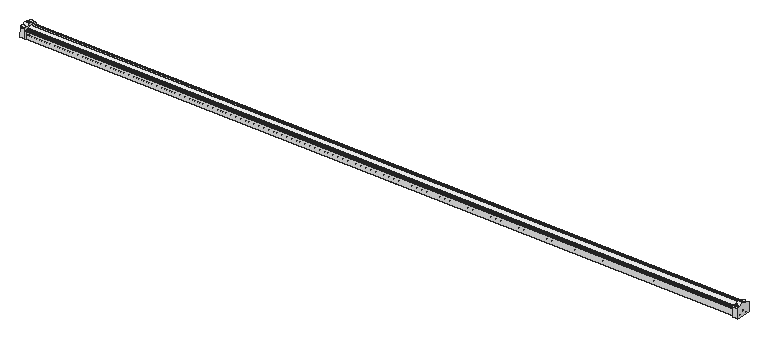
Revit family "S2215 updated", category Lighting Fixtures, host Face, Revit 2020 (continued)
Definition of nested family "DFD2_3000K"
  Definition of nested family "Increment strip 5"
    Automatic sketch dimensions
      Extrusion 2 sketch curve to plane 4 = 0.0000"
      plane 1 "Center (Front/Back)" to Extrusion 2 sketch curve = 0.11457"
      Extrusion 2 sketch curve to plane 1 "Center (Front/Back)" = 0.11457"
Definition of nested family "DFD3_3000K"
  Parameters (values of type "DFD3")
    Wattage Comments = "4.4 W/FT"
    Watt [instance] = (4.4 W * Actual Light Length) / 12.0000"  # 8.6614 W
    Warranty URL = "https://bllighting.com/terms-and-conditions/"
    Voltage Comments = ""
    Version = "2020-v2.9"  # constant formula
    URL = "https://bllighting.com/"
    Strip = none
    Rdwn [instance] = rounddown(L1 / Cutting Increment)  # 12
    Product Page URL = "https://bllighting.com/our-products/bl-flexform-dot-free-d3/#BL%20flexFORM%20Dot-Free%20D3++"
    Product Name = " Dot-Free D3"  # constant formula
    Product Documentation Link = "https://bllighting.com/wp-content/uploads/DFD3-Specification.pdf"
    No of Source [instance] = rounddown(Actual Light Length / Cutting Increment)  # 12
    Model = "BL flexFORM Dot-Free D3"
    Manufacturer Phone Number = "1-604-874-4405"  # constant formula
    Manufacturer Email = "info@bllighting.com"
    Manufacturer Address = "111 - 8838 Heatner St. Vancouver. BC, Canada. V6P 3S8"  # constant formula
    Manufacturer = "BL Lighting"  # constant formula
    Lumens [instance] = 98 lm/W * Watt  # 848.817 lm
    Lumen Output = "419 lm/FT"
    Light source Placement [instance] = Actual Light Length / 2  # 11.8110"
    Light Length [instance] = 24.0000"
    Lens Material = none
    Lamp Life = "50,000 Hours"
    Lamp = ""
    LED = none
    L1 [instance] = if(Light Length < Cutting Increment, Cutting Increment, Light Length)  # 24.0000"
    Instruction Sheet Link = "https://bllighting.com/wp-content/uploads/DFD3-Specification.pdf"
    Initial Color Option Available = ""
    Finish = none
    Description = "Flexible,Linear LED Strip Lighting"  # constant formula
    Default Elevation = 0.0000"
    D = 0.07812"
    Cutting Increment [instance] = 1.9685"  # constant formula
    Copyright = "©BL INNOVATIVE LIGHTING"  # constant formula
    BL flexFORM Dot-Free D3_1 [instance] = not([BL flexFORM Dot-Free D3])  # no
    BL flexFORM Dot-Free D3 [instance] = if(No of Source < 2, 1 = 0, 1 = 1)  # yes
    Actual No Of Source [instance] = if(No of Source < 2, 2, No of Source)  # 12
    Actual Light Length [instance] = Rdwn * Cutting Increment  # 23.6220"
    A = 0.3900"
  Reference planes (in)
    plane 1 "Center (Front/Back)": y = 0
    plane 2: z = 0
    plane 3 "Center (Left/Right)": x = 0
    plane 4: x = 23.622
    plane 5: y = 18.35094
    plane 6: x = 11.811
    plane 7: z = -0.33465
    plane 8: y = 18.54594
    plane 9: y = 18.15594
    plane 10: x = 1.9685
    plane 11: z = 0.07813
  Dimensions and locks (in)
    "Actual Light Length": plane 4 to plane 3 "Center (Left/Right)"
    "Actual Light Length": plane 3 "Center (Left/Right)" to plane 4
    plane 6 to plane 4 = 11.8110"
    "Light source Placement": plane 6 to plane 4
    locked: plane 1 "Center (Front/Back)" to plane 5 at 18.35094
    locked: level to plane 7 at 0.33465
    "A": plane 8 to plane 9
    equal spacing: plane 8, plane 5, plane 9
    "Cutting Increment": plane 3 "Center (Left/Right)" to plane 10
    locked: plane 10 to plane 3 "Center (Left/Right)" at 1.97
    "D": plane 11 to plane 2
    equal spacing: group 1, group 2, group 3, group 4, group 5, group 6, group 7, group 8, group 9, group 10, group 11, group 12  (x3)
    aligned and locked: level to plane 2
    aligned and locked: nested 1 to plane 2
    aligned and locked: nested 1 to plane 10
    aligned and locked: plane 3 "Center (Left/Right)" to nested 1
    aligned and locked: plane 10 to nested 1
    aligned and locked: plane 10 to nested 2
    aligned and locked: plane 3 "Center (Left/Right)" to nested 3
    aligned and locked: nested 3 to plane 2
    aligned and locked: nested 3 to plane 5
  Nested families (in)
    nested 1: "Increment strip 5" at (0, 18.35094, 0), Height <- "D", Increment <- "Cutting Increment", Width <- "A", LED <- "LED", Strip <- "Strip", BL flexFORM Dot-Free D3 <- "BL flexFORM Dot-Free D3", visible <- "BL flexFORM Dot-Free D3", type "Increment strip 5"
      with Width 0.3900", Strip none, LED none, Increment 1.9685", Height 0.07812", BL flexFORM Dot-Free D3 yes
    nested 2: "Increment strip 5" at (1.9685, 18.35094, 0), Height <- "D", Increment <- "Cutting Increment", Width <- "A", LED <- "LED", Strip <- "Strip", BL flexFORM Dot-Free D3 <- "BL flexFORM Dot-Free D3", visible <- "BL flexFORM Dot-Free D3", type "Increment strip 5"
      with Width 0.3900", Strip none, LED none, Increment 1.9685", Height 0.07812", BL flexFORM Dot-Free D3 yes
    nested 3: "Increment strip 5" at (0, 18.35094, 0), LED <- "LED", Strip <- "Strip", Height <- "D", Increment <- "Cutting Increment", Width <- "A", BL flexFORM Dot-Free D3 <- "BL flexFORM Dot-Free D3_1", visible <- "BL flexFORM Dot-Free D3_1", type "Increment strip 5"
      with Width 0.3900", Strip none, LED none, Increment 1.9685", Height 0.07812", BL flexFORM Dot-Free D3 no
    nested 4: "Increment strip 5" at (3.937, 18.35094, 0), Height <- "D", Increment <- "Cutting Increment", Width <- "A", LED <- "LED", Strip <- "Strip", BL flexFORM Dot-Free D3 <- "BL flexFORM Dot-Free D3", visible <- "BL flexFORM Dot-Free D3", type "Increment strip 5"
      with Width 0.3900", Strip none, LED none, Increment 1.9685", Height 0.07812", BL flexFORM Dot-Free D3 yes
    nested 5: "Increment strip 5" at (5.9055, 18.35094, 0), Height <- "D", Increment <- "Cutting Increment", Width <- "A", LED <- "LED", Strip <- "Strip", BL flexFORM Dot-Free D3 <- "BL flexFORM Dot-Free D3", visible <- "BL flexFORM Dot-Free D3", type "Increment strip 5"
      with Width 0.3900", Strip none, LED none, Increment 1.9685", Height 0.07812", BL flexFORM Dot-Free D3 yes
    nested 6: "Increment strip 5" at (7.874, 18.35094, 0), Height <- "D", Increment <- "Cutting Increment", Width <- "A", LED <- "LED", Strip <- "Strip", BL flexFORM Dot-Free D3 <- "BL flexFORM Dot-Free D3", visible <- "BL flexFORM Dot-Free D3", type "Increment strip 5"
      with Width 0.3900", Strip none, LED none, Increment 1.9685", Height 0.07812", BL flexFORM Dot-Free D3 yes
    nested 7: "Increment strip 5" at (9.8425, 18.35094, 0), Height <- "D", Increment <- "Cutting Increment", Width <- "A", LED <- "LED", Strip <- "Strip", BL flexFORM Dot-Free D3 <- "BL flexFORM Dot-Free D3", visible <- "BL flexFORM Dot-Free D3", type "Increment strip 5"
      with Width 0.3900", Strip none, LED none, Increment 1.9685", Height 0.07812", BL flexFORM Dot-Free D3 yes
    nested 8: "Increment strip 5" at (11.811, 18.35094, 0), Height <- "D", Increment <- "Cutting Increment", Width <- "A", LED <- "LED", Strip <- "Strip", BL flexFORM Dot-Free D3 <- "BL flexFORM Dot-Free D3", visible <- "BL flexFORM Dot-Free D3", type "Increment strip 5"
      with Width 0.3900", Strip none, LED none, Increment 1.9685", Height 0.07812", BL flexFORM Dot-Free D3 yes
    nested 9: "Increment strip 5" at (13.7795, 18.35094, 0), Height <- "D", Increment <- "Cutting Increment", Width <- "A", LED <- "LED", Strip <- "Strip", BL flexFORM Dot-Free D3 <- "BL flexFORM Dot-Free D3", visible <- "BL flexFORM Dot-Free D3", type "Increment strip 5"
      with Width 0.3900", Strip none, LED none, Increment 1.9685", Height 0.07812", BL flexFORM Dot-Free D3 yes
    nested 10: "Increment strip 5" at (15.748, 18.35094, 0), Height <- "D", Increment <- "Cutting Increment", Width <- "A", LED <- "LED", Strip <- "Strip", BL flexFORM Dot-Free D3 <- "BL flexFORM Dot-Free D3", visible <- "BL flexFORM Dot-Free D3", type "Increment strip 5"
      with Width 0.3900", Strip none, LED none, Increment 1.9685", Height 0.07812", BL flexFORM Dot-Free D3 yes
    nested 11: "Increment strip 5" at (17.7165, 18.35094, 0), Height <- "D", Increment <- "Cutting Increment", Width <- "A", LED <- "LED", Strip <- "Strip", BL flexFORM Dot-Free D3 <- "BL flexFORM Dot-Free D3", visible <- "BL flexFORM Dot-Free D3", type "Increment strip 5"
      with Width 0.3900", Strip none, LED none, Increment 1.9685", Height 0.07812", BL flexFORM Dot-Free D3 yes
    nested 12: "Increment strip 5" at (19.685, 18.35094, 0), Height <- "D", Increment <- "Cutting Increment", Width <- "A", LED <- "LED", Strip <- "Strip", BL flexFORM Dot-Free D3 <- "BL flexFORM Dot-Free D3", visible <- "BL flexFORM Dot-Free D3", type "Increment strip 5"
      with Width 0.3900", Strip none, LED none, Increment 1.9685", Height 0.07812", BL flexFORM Dot-Free D3 yes
    nested 13: "Increment strip 5" at (21.6535, 18.35094, 0), Height <- "D", Increment <- "Cutting Increment", Width <- "A", LED <- "LED", Strip <- "Strip", BL flexFORM Dot-Free D3 <- "BL flexFORM Dot-Free D3", visible <- "BL flexFORM Dot-Free D3", type "Increment strip 5"
      with Width 0.3900", Strip none, LED none, Increment 1.9685", Height 0.07812", BL flexFORM Dot-Free D3 yes
  Definition of nested family "Increment strip 5"
    Parameters (values of type "Increment strip 5")
      Width [instance] = 0.39062"
      Strip [instance] = none
      LED [instance] = none
      Increment [instance] = 1.9700"
      Height [instance] = 0.07812"
      Default Elevation = 0.0000"
      BL flexFORM Dot-Free D3 [instance] = yes
    Reference planes (in)
      plane 1 "Center (Front/Back)": y = 0
      plane 2: z = 0
      plane 3 "Center (Left/Right)": x = 0
      plane 4: x = 1.97
      plane 5: y = -0.19531
      plane 6: y = 0.19531
      plane 7: x = 0.15625
      plane 8: x = 1.78125
      plane 9: z = 0.07812
    Forms (in)
      Sweep 1, solid, material <- "Strip", visible <- "BL flexFORM Dot-Free D3"
        path origin (0, 0, 0) x (1, 0, 0) y (0, 1, 0)
          loop
            line (1.97, 0) -> (0, 0)
        profile origin (0.985, 0, 0) x (0, -1, 0) y (0, 0, 1)
          loop
            line (-0.19531, 0.03937) -> (-0.19531, 0) -> (0.19531, 0) -> (0.19531, 0.03937) -> (-0.19531, 0.03937)
      Extrusion 2, solid, material <- "LED", visible <- "BL flexFORM Dot-Free D3"
        sketch origin (0, 0, 0.247) x (1, 0, 0) y (0, 1, 0)
          loop
            line (0, 0.11457) -> (0, -0.11457) -> (1.97, -0.11457) -> (1.97, 0.11457) -> (0, 0.11457)
        from -0.20763 to -0.16887
    Dimensions and locks (in)
      "Increment": plane 3 "Center (Left/Right)" to plane 4
      equal spacing: plane 5, plane 1 "Center (Front/Back)", plane 6
      "Width": plane 5 to plane 6
      equal spacing: Extrusion 2, plane 1 "Center (Front/Back)", Extrusion 2
      "Height": plane 9 to plane 2
      aligned and locked: plane 2 to level
      aligned and locked: Sweep 1 sketch curve to plane 1 "Center (Front/Back)"
      aligned and locked: plane 3 "Center (Left/Right)" to Sweep 1 sketch curve
      aligned and locked: plane 4 to Sweep 1 sketch curve
      aligned and locked: plane 6 to Sweep 1 sketch curve
      aligned and locked: Sweep 1 sketch curve to plane 5
      aligned and locked: Extrusion 2 to Sweep 1
      aligned and locked: Extrusion 2 to plane 9
    Automatic sketch dimensions
      level to Sweep 1 sketch curve = 0.03937"
      Sweep 1 sketch curve to level = 0.0000"
      Extrusion 2 sketch curve to plane 3 "Center (Left/Right)" = 0.0000"
      Extrusion 2 sketch curve to plane 4 = 0.0000"
      plane 1 "Center (Front/Back)" to Extrusion 2 sketch curve = 0.11457"
      Extrusion 2 sketch curve to plane 1 "Center (Front/Back)" = 0.11457"
Types (5): name | Wattage Comments | Rdwn | RGBW 2 Watt | RGBW 2 Lumens | RGBW 2 | Product Name | Number of LED's | No Of Source | Model | Max Input Current | Lumen Output | Light Length | Lamp | LED Tape Page URL | LED Tape Documentation link | L1 | Increment | DFD3 Watt | DFD3 Lumens | DFD3 | DFD2 Watt | DFD2 Lumens | DFD2 | D2 Watt | D2 Lumens | D2 | Color Option Available | CCT | Apparent Load | Actual No Of Source | Actual Light Length
  (no name) | "4.4 W/FT" | 24 | 17.7165 W | 673.227 lm | no | "DFD3" | "146 Diodes/FT" | 24 | "DFD3" | "4A" | "419 lm/FT" | 48.0000" | "" | "https://bllighting.com/products/led-tape/dfd3" | "https://bllighting.com/wp-content/uploads/DFD3-Specification.pdf" | 48.0000" | 1.9685" | 17.3228 W | 1697.63 lm | yes | 9.60628 W | 960.628 lm | no | 11.811 W | 826.77 lm | no | "2400K,2700K,3000K,3500K,4000K" | "2400K,2700K,3000K,3500K,4000K" | 96 VA | 24 | 47.2440"
  209 lm per FT 3.0W per FT - D2 | "3.0 W/FT" | 24 | 17.7165 W | 673.227 lm | no | "D2" | "36 Diodes/FT" | 24 | "D2" | "5A" | "209 lm/FT" | 48.0000" | "LED,SMD 3528" | "https://bllighting.com/products/led-tape/d2" | "https://bllighting.com/wp-content/uploads/D2-Specification.pdf" | 48.0000" | 1.9685" | 17.3228 W | 1697.63 lm | no | 9.60628 W | 960.628 lm | no | 11.811 W | 826.77 lm | yes | "2400K,2700K,3000K,3500K,4000K,5500K,Red,Green,Blue,Amber" | "2400K,2700K,3000K,3500K,4000K,5500K,Red,Green,Blue,Amber" | 120 VA | 24 | 47.2440"
  258 lm per FT 2.44 W per FT - DFD2 | "2.44 W/FT" | 24 | 17.7165 W | 673.227 lm | no | "DFD2" | "146 Diodes/FT" | 24 | "DFD2" | "4A" | "258 lm/FT" | 48.0000" | "" | "https://bllighting.com/products/led-tape/dfd2" | "https://bllighting.com/wp-content/uploads/DFD2-Specification.pdf" | 48.0000" | 1.9685" | 17.3228 W | 1697.63 lm | no | 9.60628 W | 960.628 lm | yes | 11.811 W | 826.77 lm | no | "2400K,2700K,3000K,3500K,4000K" | "2400K,2700K,3000K,3500K,4000K" | 96 VA | 24 | 47.2440"
  419 lm per FT 4.4 W per FT - DFD3 | "4.4 W/FT" | 24 | 17.7165 W | 673.227 lm | no | "DFD3" | "146 Diodes/FT" | 24 | "DFD3" | "4A" | "419 lm/FT" | 48.0000" | "" | "https://bllighting.com/products/led-tape/dfd3" | "https://bllighting.com/wp-content/uploads/DFD3-Specification.pdf" | 48.0000" | 1.9685" | 17.3228 W | 1697.63 lm | yes | 9.60628 W | 960.628 lm | no | 11.811 W | 826.77 lm | no | "2400K,2700K,3000K,3500K,4000K" | "2400K,2700K,3000K,3500K,4000K" | 96 VA | 24 | 47.2440"
  171 lm per FT 4.5 W per FT - RGBW 2 | "4.5 W/FT" | 5 | 7.38187 W | 280.511 lm | yes | "RGBW 2" | "18 Diodes/FT" | 5 | "RGBW 2" | "5A" | "171 lm/FT" | 19.6850" | "SMD 5050" | "https://bllighting.com/products/led-tape/rgbw2" | "https://bllighting.com/wp-content/uploads/RGBW-2-Specification.pdf" | 19.6850" | 3.9370" | 7.21783 W | 707.348 lm | no | 4.00262 W | 400.262 lm | no | 4.92125 W | 344.488 lm | no | "3000K" | "3000K" | 120 VA | 5 | 19.6850"
